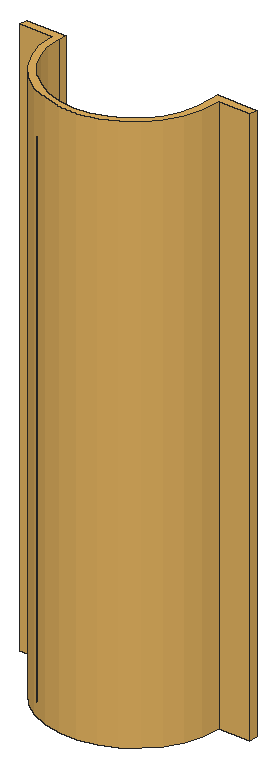
Revit family "Safety-Equipment_Formed-Metal-Guards_Omega-Industrial_Heavy-Duty-Pipe-Downspout-Guard_Wall-Mount", category Generic Models, Revit 2026
Family settings
  Can host rebar = No
  Round Connector Dimension = Use Diameter
  Part Type = Normal
  Classification Number = 23.30.80.17
  Work Plane-Based = Yes
  Always vertical = Yes
  Cut with Voids When Loaded = No
  Maintain Annotation Orientation = No
  Shared = No
  Room Calculation Point = No
Parameters (values of type "10in x 36in")
  offset [instance] = 0' - 0"
  Warranty Duration (Years) = 0
  Unit Width = Guard Outside Radius + 0' 4"  # 1' - 2 3/4"
  Unit Height = 3' - 0"
  URL = "https://www.arcat.com/arcatcos/cos42/arc42113.html"
  Test Data = ""
  Specification = "https://www.arcat.com/sd/clients/omegaind.html?coid=42113"
  SpecWizard = ""
  Send Message = "https://www.omegaindl.com/lp-contact-us/"
  Sales Information = "https://www.omegaindl.com/lp-request-quote/"
  Revision = "R0_06-2018"
  Product Properties = "https://www.omegaindl.com/products/"
  Product Data = "https://www.arcat.com/arcatcos/cos42/arc42113.html"
  Guard Outside Radius = 0' - 10 3/4"
  Guard Material = Omega_1/2 in Steel
  Model = "OM3391-WM"
  Manufacturer Website = "https://www.omegaindl.com/"
  Manufacturer Phone - Toll Free = "800-521-8272"
  Manufacturer Phone = "800-521-8272"
  Manufacturer Fax = "262-284-4199"
  Manufacturer Email = "inquiry@omegaindl.com"
  Manufacturer Address = "795 Progress Dr. P. O. Box 80303 Sawkville, WI 53080"
  Manufacturer = "Omega Industrial Products, Inc."
  Maintenance Schedule (Months) = 0
  Keynote = "05 58 23"  # constant formula
  Installation-Fabrication = ""
  Installation Phase = "Industrial Safety Equipment"
  Green Building-LEED = ""
  Expected Lifespan (Years) = 25
  Drawn By = "Sumex Design, Inc. / Robert S. Weygant, CSI, CDT, SCIP"
  Description = "Pipe and Downspout Guard"
  Default Elevation = 4' - 0"
  Copyright = "2018 ARCAT, Inc."
  Construction Details = ""
  Company_ID = 42113
  Building Codes = ""
  Assembly Code = "E1090"
Types (2): name | Unit Width | Guard Outside Radius
  10in x 36in | 1' - 2 3/4" | 0' - 10 3/4"
  12in x 36in | 1' - 4 3/4" | 1' - 0 3/4"
Reference planes (in)
  plane 1 "Center (Front/Back)": y = 0
  plane 2: z = 0
  plane 3 "Center (Left/Right)": x = 0
  plane 4: x = 7.375
  plane 5: x = -7.375
  plane 6: y = 3.6875
  plane 7: y = -3.6875
  plane 8: z = 0.5
  plane 9: z = 36
  plane 10: y = 3.1875
  plane 11: x = 4.87365
  plane 12: x = -4.87365
Forms (in)
  Extrusion 1, solid, material "Omega_1/2 in Steel" <- "Guard Material"
    sketch origin (0, 0, 0) x (1, 0, 0) y (0, 1, 0)
      loop
        arc (-5.375, 3.1875) -> (0, -2.1875) -> (5.375, 3.1875) r 5.375
        line (5.375, 3.1875) -> (4.87365, 3.1875)
        arc (4.87365, 3.1875) -> (0, -1.80237) -> (-4.87365, 3.1875) r 4.875
        line (-4.87365, 3.1875) -> (-5.375, 3.1875)
    from 0 to 36
  Extrusion 2, solid, material "Omega_1/2 in Steel" <- "Guard Material"
    sketch origin (0, 0, 0) x (1, 0, 0) y (0, 1, 0)
      loop
        line (7.375, 3.6875) -> (4.87365, 3.6875) -> (4.87365, 3.1875) -> (7.375, 3.1875) -> (7.375, 3.6875)
      loop
        line (-7.375, 3.6875) -> (-7.375, 3.1875) -> (-4.87365, 3.1875) -> (-4.87365, 3.6875) -> (-7.375, 3.6875)
    from 0 to 36
Cuts and joins
  joined: Extrusion 1, Extrusion 2
Dimensions and locks (in)
  equal spacing: plane 5, plane 3 "Center (Left/Right)", plane 4
  "Unit Width": plane 5 to plane 4
  "Unit Height": plane 9 to level
  plane 10 to plane 6 = 0' - 0 1/2"
  locked: plane 5 to plane 12 at 2.50135
  locked: plane 11 to plane 4 at 2.50135
  "Guard Outside Radius": diameter of Extrusion 1 sketch curve
  aligned and locked: plane 10 to Extrusion 1 sketch curve  (x3)
  aligned and locked: plane 3 "Center (Left/Right)" to Extrusion 1 sketch curve
  aligned and locked: Extrusion 1 to plane 9
  aligned and locked: Extrusion 1 to level
  aligned and locked: Extrusion 2 sketch curve to plane 6
  aligned and locked: Extrusion 2 sketch curve to plane 10
  aligned and locked: Extrusion 2 sketch curve to plane 4
  aligned and locked: plane 5 to Extrusion 2 sketch curve
  aligned and locked: plane 5 to Extrusion 2
  aligned and locked: Extrusion 2 to plane 6  (x2)
  aligned and locked: plane 10 to Extrusion 2  (x2)
  aligned and locked: Extrusion 2 to plane 12
  aligned and locked: Extrusion 2 to plane 11
  aligned and locked: plane 4 to Extrusion 2
  aligned and locked: Extrusion 2 to plane 9
  aligned and locked: Extrusion 2 to level
  aligned and locked: Extrusion 2 to plane 2
Automatic sketch dimensions
  Extrusion 1 sketch curve to plane 3 "Center (Left/Right)" = 0' - 0"
  Extrusion 1 sketch curve to Extrusion 1 sketch curve = 0' - 0.50135"
  Extrusion 1 sketch curve to Extrusion 1 sketch curve = 0' - 0.11487"
  plane 10 to Extrusion 2 sketch curve = 0' - 0"
  Extrusion 2 sketch curve to plane 5 = 0' - 2.50135"
  Extrusion 2 sketch curve to plane 4 = 0' - 2.50135"
  plane 6 to Extrusion 2 sketch curve = 0' - 0"
